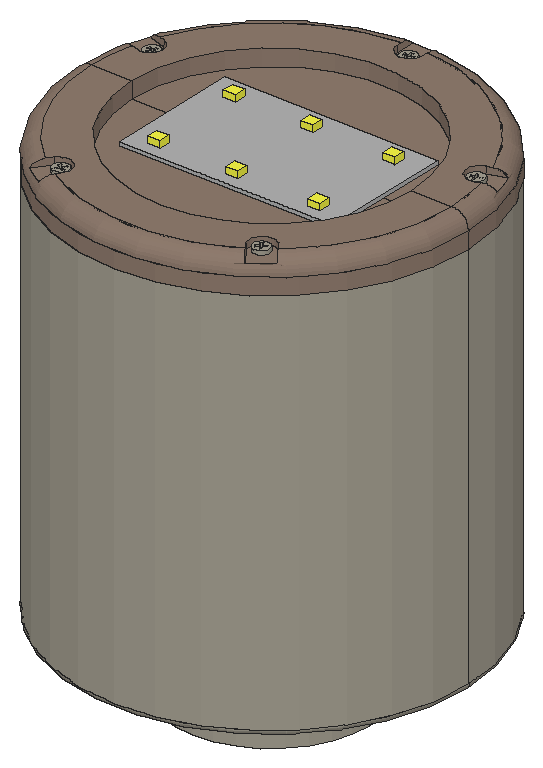
Revit family "LTV71 - Copy", category Lighting Fixtures, host Face, Revit 2014
Parameters (values of type "LTV767SP/6L3KUV/NB")
  White Surface = Paint - Hubbell - White Texture
  Wattage Comments = "11W"
  Wattage = 11 W
  built-in parameter 1150110 = 1 (stored number, unit not read)
  Voltage = "120 to 277V"
  URL = "https://www.hubbell.com/hubbelllightingci/en/"
  Type Comments = "Lighting Fixture"  # constant formula
  built-in parameter 1114217 = 1 (stored number, unit not read)
  Tilt Angle = -90.00°
  built-in parameter 1150109 = 1 (stored number, unit not read)
  built-in parameter 1150134 = 3
  built-in parameter 1150113 = 1 (stored number, unit not read)
  Specification = "Energy efficient LED models\r\nBrass or aluminum housing for durability\r\nHex cell louver and prismatic spread lens options"  # constant formula
  Series = "In-grade/ Landscape "  # constant formula
  Product Page = "https://www.hubbell.com/hubbelllightingci/en/Products/Lighting-Controls/Commercial-Outdoor-Lighting/In-Grade/In-Grade-Minivault/p/248531"
  Power Factor = 1  # constant formula
  Photometric Web File = "ltv767sp-6led.ies"
  OmniClass Title = "Buried Uplights"  # constant formula
  OmniClass Number = "23-80 70 14 11 21"  # constant formula
  Number of Poles = 1
  Note Visible = yes
  Note Text = "LF"  # constant formula
  Model = "LTV767SP/6L3KUV/NB"  # constant formula
  Manufacturer = "KIM Lighting"  # constant formula
  built-in parameter 1150105 = 87.535 (stored number, unit not read)
  Lumens = 1100 lm
  built-in parameter 1150115 = 1 (stored number, unit not read)
  built-in parameter 1150137 = (empty or 0)
  built-in parameter 1150139 = (empty or 0)
  Lens Ring Material = Metal-Kim Lighting-Bronze
  built-in parameter 1150112 = 1 (stored number, unit not read)
  built-in parameter 1150114 = 1 (stored number, unit not read)
  Lamp = "LED"
  LED = Default Light Source
  built-in parameter 1150132 = (empty or 0)
  built-in parameter 1150102 = (empty or 0)
  built-in parameter 1150107 = 3200 (stored number, unit not read)
  built-in parameter 1150138 = (empty or 0)
  built-in parameter 1150106 = 0.87535 (stored number, unit not read)
  Emit from Circle Diameter = 5.000"
  Emit Shape Visible in Rendering = no
  Diameter = 6.000"
  Contact us = "https://www.hubbell.com/hubbelllightingci/en/contactUs?productId=248531"
  Composite Housing material = Plastic-Kim Lighting-Fiberglass
  Glass Material = Glass-Kim Lighting-Clear
  Full Load Current = 11 A
  Frequency = 60 Hz
  Finish = "Cast Bronze, Natural Finish"  # constant formula
  built-in parameter 1150104 = 9.2903 (stored number, unit not read)
  Dimming Lamp Color Temperature Shift = <None>
  Description = "Minivault incorporates more than 50 years of in-grade experience into every luminaire. A commitment to produce the most durable product possible is the core of the series, which now includes new low wattage pulse start metal halide lamps and LEDs expanding into residential applications."  # constant formula
  Default Elevation = 0.000"
  Color Filter = 16777215
  built-in parameter 1114218 = 1 (stored number, unit not read)
  built-in parameter 1150133 = 10 (stored number, unit not read)
  Assembly Code = "D5020200"
  Apparent Load = 11 VA
Reference planes (in)
  plane 1 "Center (Front/Back)": y = 0
  plane 2: z = 0
  plane 3 "Center (Left/Right)": x = 0
  plane 4 "Bot of Lamp": z = -7.03125
  plane 5 "Top of Lamp": z = 0.75
  plane 6: z = -2
  plane 7: z = -2.5
  plane 8: z = 0.5
  plane 9: z = 0.25
  plane 10: x = 3
  plane 11: x = -3
  plane 12: y = 3
  plane 13: y = -3
Forms (in)
  Revolve 1, solid, material "Plastic-Kim Lighting-Fiberglass" <- "Composite Housing material"
    sketch origin (0, 0, 0) x (1, 0, 0) y (0, 0, 1)
      loop
        line (0, -7.03125) -> (1.5, -7.03125) -> (1.5, -6.14386)
        arc (1.5, -6.14386) -> (1.53298, -6.06423) -> (1.61261, -6.03125) r 0.11261
        line (1.61261, -6.03125) -> (2.91051, -6.03125)
        arc (2.91051, -6.03125) -> (2.97379, -6.00504) -> (3, -5.94176) r 0.08949
        line (3, -5.94176) -> (3, 0) -> (0, 0) -> (0, -7.03125)
      axis (0, 0) -> (0, -7.03125)
    angle from 0 to 360
  Revolve 2, solid, material "Metal-Kim Lighting-Bronze" <- "Lens Ring Material"
    sketch origin (0, 0, 0) x (1, 0, 0) y (0, 0, 1)
      loop
        line (0, 0) -> (3, 0) -> (3, 0.25)
        arc (3, 0.25) -> (2.92678, 0.42678) -> (2.75, 0.5) r 0.25
        line (2.75, 0.5) -> (2.13697, 0.5) -> (2.13697, 0.25) -> (0, 0.25) -> (0, 0)
      axis (0, 0.5) -> (0, 0)
    angle from 0 to 360
  Extrusion 3, solid, material "Default Light Source" <- "LED"
    sketch origin (0, 0, 0) x (1, 0, 0) y (0, 1, 0)
      loop
        line (-1.25669, 0.81898) -> (-1.25669, 0.64411) -> (-1.07118, 0.64411) -> (-1.07118, 0.81898) -> (-1.25669, 0.81898)
      loop
        line (-0.07439, 0.81898) -> (-0.07439, 0.64411) -> (0.11112, 0.64411) -> (0.11112, 0.81898) -> (-0.07439, 0.81898)
      loop
        line (1.17561, 0.81898) -> (1.17561, 0.64411) -> (1.36112, 0.64411) -> (1.36112, 0.81898) -> (1.17561, 0.81898)
      loop
        line (-1.25669, -0.61704) -> (-1.25669, -0.79191) -> (-1.07118, -0.79191) -> (-1.07118, -0.61704) -> (-1.25669, -0.61704)
      loop
        line (-0.07439, -0.61704) -> (-0.07439, -0.79191) -> (0.11112, -0.79191) -> (0.11112, -0.61704) -> (-0.07439, -0.61704)
      loop
        line (1.17561, -0.61704) -> (1.17561, -0.79191) -> (1.36112, -0.79191) -> (1.36112, -0.61704) -> (1.17561, -0.61704)
    from 0.25 to 0.40246
  Revolve 4, solid, material "Glass-Kim Lighting-Clear" <- "Glass Material", detail levels coarse
    sketch origin (0, 0, 0) x (1, 0, 0) y (0, 0, 1)
      loop
        line (0, 0.5) -> (0, 0.45465) -> (2.13697, 0.45465) -> (2.13697, 0.5) -> (0, 0.5)
      axis (0, 0.5) -> (0, 0.45465)
    angle from 0 to 360
  Extrusion 5, void
    sketch origin (0, 0, 0) x (1, 0, 0) y (0, 1, 0)
      loop
        line (-0.20716, 3.08294) -> (-0.20716, 2.64544)
        arc (-0.20716, 2.64544) -> (-0.00972, 2.448) -> (0.18772, 2.64544) r 0.19744
        line (0.18772, 2.64544) -> (0.18772, 3.08294) -> (-0.20716, 3.08294)
      loop
        line (2.86803, 1.1497) -> (2.45195, 1.0145)
        arc (2.45195, 1.0145) -> (2.32518, 0.76571) -> (2.57397, 0.63895) r 0.19744
        line (2.57397, 0.63895) -> (2.99006, 0.77414) -> (2.86803, 1.1497)
      loop
        line (1.9797, -2.37239) -> (1.72254, -2.01844)
        arc (1.72254, -2.01844) -> (1.44676, -1.97476) -> (1.40308, -2.25055) r 0.19744
        line (1.40308, -2.25055) -> (1.66023, -2.60449) -> (1.9797, -2.37239)
      loop
        line (-1.64451, -2.61591) -> (-1.38736, -2.26197)
        arc (-1.38736, -2.26197) -> (-1.43104, -1.98618) -> (-1.70682, -2.02986) r 0.19744
        line (-1.70682, -2.02986) -> (-1.96398, -2.38381) -> (-1.64451, -2.61591)
      loop
        line (-2.86803, 1.1497) -> (-2.99006, 0.77414) -> (-2.57397, 0.63895)
        arc (-2.57397, 0.63895) -> (-2.32518, 0.76571) -> (-2.45195, 1.0145) r 0.19744
        line (-2.45195, 1.0145) -> (-2.86803, 1.1497)
    from 0.40246 to 0.5
  Extrusion 6, solid, material "Plastic-Kim Lighting-Fiberglass" <- "Composite Housing material"
    sketch origin (0, 0, 0) x (1, 0, 0) y (0, 1, 0)
      loop
        circle (0, 2.60287) r 0.12075
      loop
        line (-0.0162, 2.67726) -> (-0.0162, 2.62053) -> (-0.07292, 2.62053) -> (-0.07292, 2.58166) -> (-0.0162, 2.58166) -> (-0.0162, 2.52494) -> (0.02267, 2.52494) -> (0.02267, 2.58166) -> (0.0794, 2.58166) -> (0.0794, 2.62053) -> (0.02267, 2.62053) -> (0.02267, 2.67726) -> (-0.0162, 2.67726)
    from 0.40246 to 0.45465
  Extrusion 7, solid, material "Plastic-Kim Lighting-Fiberglass" <- "Composite Housing material"
    sketch origin (0, 0, 0) x (0.309017, -0.951057, 0) y (0.951057, 0.309017, 0)
      loop
        circle (0, 2.60287) r 0.12075
      loop
        line (-0.0162, 2.67726) -> (-0.0162, 2.62053) -> (-0.07292, 2.62053) -> (-0.07292, 2.58166) -> (-0.0162, 2.58166) -> (-0.0162, 2.52494) -> (0.02267, 2.52494) -> (0.02267, 2.58166) -> (0.0794, 2.58166) -> (0.0794, 2.62053) -> (0.02267, 2.62053) -> (0.02267, 2.67726) -> (-0.0162, 2.67726)
    from 0.40246 to 0.45465
  Extrusion 8, solid, material "Plastic-Kim Lighting-Fiberglass" <- "Composite Housing material"
    sketch origin (0, 0, 0) x (-0.809017, -0.587785, 0) y (0.587785, -0.809017, 0)
      loop
        circle (0, 2.60287) r 0.12075
      loop
        line (-0.0162, 2.67726) -> (-0.0162, 2.62053) -> (-0.07292, 2.62053) -> (-0.07292, 2.58166) -> (-0.0162, 2.58166) -> (-0.0162, 2.52494) -> (0.02267, 2.52494) -> (0.02267, 2.58166) -> (0.0794, 2.58166) -> (0.0794, 2.62053) -> (0.02267, 2.62053) -> (0.02267, 2.67726) -> (-0.0162, 2.67726)
    from 0.40246 to 0.45465
  Extrusion 9, solid, material "Plastic-Kim Lighting-Fiberglass" <- "Composite Housing material"
    sketch origin (0, 0, 0) x (-0.809017, 0.587785, 0) y (-0.587785, -0.809017, 0)
      loop
        circle (0, 2.60287) r 0.12075
      loop
        line (-0.0162, 2.67726) -> (-0.0162, 2.62053) -> (-0.07292, 2.62053) -> (-0.07292, 2.58166) -> (-0.0162, 2.58166) -> (-0.0162, 2.52494) -> (0.02267, 2.52494) -> (0.02267, 2.58166) -> (0.0794, 2.58166) -> (0.0794, 2.62053) -> (0.02267, 2.62053) -> (0.02267, 2.67726) -> (-0.0162, 2.67726)
    from 0.40246 to 0.45465
  Extrusion 10, solid, material "Plastic-Kim Lighting-Fiberglass" <- "Composite Housing material"
    sketch origin (0, 0, 0) x (-0.309017, -0.951057, 0) y (0.951057, -0.309017, 0)
      loop
        circle (0, -2.60287) r 0.12075
      loop
        line (-0.0162, -2.67726) -> (0.02267, -2.67726) -> (0.02267, -2.62053) -> (0.0794, -2.62053) -> (0.0794, -2.58166) -> (0.02267, -2.58166) -> (0.02267, -2.52494) -> (-0.0162, -2.52494) -> (-0.0162, -2.58166) -> (-0.07292, -2.58166) -> (-0.07292, -2.62053) -> (-0.0162, -2.62053) -> (-0.0162, -2.67726)
    from 0.40246 to 0.45465
  Extrusion 11, solid, material "Paint - Hubbell - White Texture" <- "White Surface"
    sketch origin (0, 0, 0) x (1, 0, 0) y (0, 1, 0)
      loop
        line (-1.53933, 1.03072) -> (-1.53933, -0.96928) -> (1.71067, -0.96928) -> (1.71067, 1.03072) -> (-1.53933, 1.03072)
    from 0.25 to 0.31029
Cuts and joins
  Extrusion 5 cuts Revolve 1
  Extrusion 5 cuts Revolve 2
Lines and regions (in)
  Masking region 1, detail levels coarse
    outline origin (0, 0, 0) x (0, 1, 0) y (0, 0, 1)
      loop
        line (4.5, 0.75) -> (-4.5, 0.75) -> (-4.5, -7.03125) -> (4.5, -7.03125) -> (4.5, 0.75)
  Masking region 2, detail levels medium+fine
    outline origin (0, 0, 0) x (0, 1, 0) y (0, 0, 1)
      loop
        line (4.5, 0.75) -> (-4.5, 0.75) -> (-4.5, 0) -> (-4.56513, -0.78065) -> (-4.487, -0.78065) -> (-4.90686, -2) -> (-5.05959, -2) -> (-5.05959, -2.5) -> (-4.56762, -2.5) -> (-4.33142, -4.21753) -> (-2.93669, -4.38203) -> (-2.93669, -5.09803) -> (-2, -5.09803) -> (-2, -7.03125) -> (2, -7.03125) -> (2, -5.09803) -> (2.93669, -5.09803) -> (2.93669, -4.38203) -> (4.33142, -4.21753) -> (4.56762, -2.5) -> (5.05959, -2.5) -> (5.05959, -2) -> (4.90686, -2) -> (4.487, -0.78065) -> (4.56513, -0.78065) -> (4.5, 0) -> (4.5, 0.75)
  Masking region 3, detail levels fine
    outline origin (0, 0, 0) x (0, 1, 0) y (0, 0, 1)
      loop
        line (0.5, -8.03125) -> (1.5, -8.03125) -> (1.5, -7.03125) -> (0.5, -7.03125) -> (0.5, -8.03125)
  symbolic lines
    curve 1: arc (3, 0, 0) -> (0, 3, 0) -> (-3, 0, 0) r 3
    curve 2: arc (-3, 0, 0) -> (0, -3, 0) -> (3, 0, 0) r 3
  symbolic lines, detail levels medium+fine
    curve 3: arc (-2.3, 0, 0) -> (0, 2.3, 0) -> (2.3, 0, 0) r 2.3
    curve 4: arc (2.3, 0, 0) -> (0, -2.3, 0) -> (-2.3, 0, 0) r 2.3
  symbolic lines, detail levels fine
    curve 5: circle (0, 2.6317, 0) r 0.1875 normal (0, 0, -1)
    curve 8: line (0, 4.5, 0) -> (0, -4.5, 0)
    curve 9: line (0, 4.487, -0.78065) -> (0, -4.487, -0.78065)
    curve 10: line (0, 4.90686, -2) -> (0, -4.90686, -2)
    curve 11: line (0, 4.56762, -2.5) -> (0, -4.56762, -2.5)
    curve 12: line (0, 3.89346, -2.5) -> (0, 3.89346, -3.8512)
    curve 13: line (0, 3.89346, -3.8512) -> (0, 0.0625, -3.8512)
    curve 14: line (0, -3.89346, -3.8512) -> (0, -3.89346, -2.5)
    curve 15: line (0, 2.93669, -4.38203) -> (0, 2.93669, -3.8512)
    curve 16: line (0, -2.93669, -4.38203) -> (0, -2.93669, -3.8512)
    curve 17: line (0, 1.93669, -5.09803) -> (0, -1.93669, -5.09803)
    curve 18: line (0, 2.93669, -4.56678) -> (0, 1.93669, -4.56678)
    curve 19: line (0, 1.93669, -4.56678) -> (0, 1.93669, -5.09803)
    curve 20: line (0, -2.93669, -4.56678) -> (0, -1.93669, -4.56678)
    curve 21: line (0, -1.93669, -4.56678) -> (0, -1.93669, -5.09803)
    curve 22: line (0, 0.0625, -2.5) -> (0, 0.0625, -4.38203)
    curve 23: line (0, 0.0625, -4.38203) -> (0, -0.0625, -4.38203)
    curve 24: line (0, -0.0625, -4.38203) -> (0, -0.0625, -2.5)
    curve 25: line (0, -0.0625, -3.8512) -> (0, -3.89346, -3.8512)
    curve 26: line (0, 1.69096, -5.09803) -> (0, 1.69096, -5.83415)
    curve 27: line (0, 1.69096, -5.83415) -> (0, 1.06013, -5.83415)
    curve 28: line (0, 1.06013, -5.83415) -> (0, 1.06013, -5.09803)
    curve 29: line (0, -1.06013, -5.09803) -> (0, -1.06013, -5.83415)
    curve 30: line (0, -1.06013, -5.83415) -> (0, -1.70555, -5.83415)
    curve 31: line (0, -1.70555, -5.83415) -> (0, -1.70555, -5.09803)
    curve 32: circle (2.5029, 0.81324, 0) r 0.1875 normal (0, 0, -1)
    curve 33: circle (1.54688, -2.12909, 0) r 0.1875 normal (0, 0, -1)
    curve 34: circle (-1.54688, -2.12909, 0) r 0.1875 normal (0, 0, -1)
    curve 35: circle (-2.5029, 0.81324, 0) r 0.1875 normal (0, 0, 1)
    curve 36: line (0, 0, -7.03125) -> (1.5, 0, -7.03125)
    curve 37: line (1.5, 0, -7.03125) -> (1.5, 0, -6.14386)
    curve 38: line (1.61261, 0, -6.03125) -> (2.91051, 0, -6.03125)
    curve 39: line (3, 0, -5.94176) -> (3, 0, 0)
    curve 40: line (3, 0, 0) -> (3, 0, 0.25)
    curve 41: line (3, 0, 0.25) -> (3, 0, 0.5)
    curve 42: line (3, 0, 0.5) -> (3, 0, 0.53685)
    curve 43: arc (3, 0, 0.53685) -> (2.94672, 0, 0.66547) -> (2.8181, 0, 0.71875) r 0.1819
    curve 44: arc (1.5, 0, -6.14386) -> (1.53298, 0, -6.06423) -> (1.61261, 0, -6.03125) r 0.11261
    curve 45: arc (2.91051, 0, -6.03125) -> (2.97379, 0, -6.00504) -> (3, 0, -5.94176) r 0.08949
    curve 46: arc (0, 0, 0.75) -> (1.28132, 0, 0.73442) -> (2.56061, 0, 0.66058) r 28.1719
    curve 47: arc (2.56061, 0, 0.66058) -> (2.69379, 0, 0.67004) -> (2.8181, 0, 0.71875) r 0.44296
    curve 48: line (0, 0, -7.03125) -> (-1.5, 0, -7.03125)
    curve 49: line (-1.5, 0, -7.03125) -> (-1.5, 0, -6.14386)
    curve 50: line (-1.61261, 0, -6.03125) -> (-2.91051, 0, -6.03125)
    curve 51: line (-3, 0, -5.94176) -> (-3, 0, 0)
    curve 52: line (-3, 0, 0) -> (-3, 0, 0.25)
    curve 53: line (-3, 0, 0.25) -> (-3, 0, 0.5)
    curve 54: line (-3, 0, 0.5) -> (-3, 0, 0.53685)
    curve 55: arc (-3, 0, 0.53685) -> (-2.94672, 0, 0.66547) -> (-2.8181, 0, 0.71875) r 0.1819
    curve 56: arc (-1.5, 0, -6.14386) -> (-1.53298, 0, -6.06423) -> (-1.61261, 0, -6.03125) r 0.11261
    curve 57: arc (-2.91051, 0, -6.03125) -> (-2.97379, 0, -6.00504) -> (-3, 0, -5.94176) r 0.08949
    curve 58: arc (0, 0, 0.75) -> (-1.28132, 0, 0.73442) -> (-2.56061, 0, 0.66058) r 28.1719
    curve 59: arc (-2.56061, 0, 0.66058) -> (-2.69379, 0, 0.67004) -> (-2.8181, 0, 0.71875) r 0.44296
  symbolic lines, detail levels coarse
    curve 6: line (0, 4.5, 0.75) -> (0, -4.5, -7.03125)
    curve 7: line (0, 4.5, -7.03125) -> (0, -4.5, 0.75)
Dimensions and locks (in)
  level to plane 4 "Bot of Lamp" = 7.03125"
  locked: plane 5 "Top of Lamp" to level at 0.75
  locked: level to plane 6 at 2
  locked: level to plane 7 at 2.5
  locked: plane 9 to plane 2 at 0.25
  locked: plane 8 to plane 2 at 0.5
  "Diameter": plane 11 to plane 10
  aligned and locked: plane 2 to host face
  aligned and locked: level to host face
  aligned and locked: imposter light to plane 3 "Center (Left/Right)"
  aligned and locked: nested 1 to imposter light
  aligned and locked: plane 5 "Top of Lamp" to imposter light
  aligned and locked: plane 4 "Bot of Lamp" to Masking region 1 sketch curve
  aligned and locked: Masking region 1 sketch curve to plane 5 "Top of Lamp"
Automatic sketch dimensions
  curve 1 to curve 2 = 0.000"  (x2)
  curve 1 to curve 3 = 0.000"  (x2)
  curve 1 to curve 4 = 0.000"  (x2)
  curve 2 to curve 3 = 0.000"  (x2)
  curve 2 to curve 4 = 0.000"  (x2)
  curve 3 to curve 4 = 0.000"  (x2)
  plane 1 "Center (Front/Back)" to curve 2 = 0.000"
  curve 2 to plane 11 = 0.000"
  curve 3 to plane 3 "Center (Left/Right)" = 0.000"
  curve 5 to plane 3 "Center (Left/Right)" = 0.000"
  plane 11 to curve 35 = 0.4971"
  plane 11 to curve 34 = 1.45312"
  curve 33 to plane 10 = 1.45312"
  curve 32 to plane 10 = 0.4971"
  curve 34 to plane 13 = 0.87091"
  curve 33 to plane 13 = 0.87091"
  curve 35 to plane 1 "Center (Front/Back)" = 0.81324"
  curve 32 to plane 1 "Center (Front/Back)" = 0.81324"
  plane 12 to curve 5 = 0.3683"
  plane 11 to curve 4 = 0.700"
  curve 10 to plane 6 = 0.000"
  curve 11 to plane 7 = 0.000"
  curve 7 to plane 5 "Top of Lamp" = 0.000"
  curve 8 to level = 0.000"
  curve 6 to plane 4 "Bot of Lamp" = 0.000"
  curve 7 to plane 4 "Bot of Lamp" = 0.000"
  curve 6 to plane 5 "Top of Lamp" = 0.000"
  plane 13 to curve 25 = 0.89346"
  curve 21 to plane 13 = 1.06331"
  curve 17 to curve 30 = 0.23114"
  curve 30 to curve 30 = 0.64542"
  plane 1 "Center (Front/Back)" to curve 24 = 0.0625"
  curve 22 to plane 1 "Center (Front/Back)" = 0.0625"
  curve 28 to plane 1 "Center (Front/Back)" = 1.06013"
  curve 27 to curve 26 = 0.63084"
  curve 26 to curve 17 = 0.24572"
  curve 13 to plane 12 = 0.89346"
  plane 4 "Bot of Lamp" to curve 26 = 1.1971"
  plane 4 "Bot of Lamp" to curve 31 = 1.1971"
  curve 30 to curve 21 = 0.73612"
  curve 17 to curve 19 = 0.53125"
  curve 17 to curve 21 = 0.53125"
  curve 29 to curve 24 = 0.716"
  curve 18 to curve 13 = 0.71558"
  curve 20 to curve 25 = 0.71558"
  plane 13 to curve 9 = 1.487"
  plane 13 to curve 6 = 1.500"
  curve 8 to curve 9 = 0.013"
  curve 7 to curve 8 = 0.000"
  curve 11 to curve 14 = 0.67415"
  curve 10 to curve 11 = 0.33924"
  curve 20 to plane 13 = 0.06331"
  curve 16 to plane 13 = 0.06331"
  plane 12 to curve 15 = 0.06331"
  plane 12 to curve 18 = 0.06331"
  curve 9 to plane 12 = 1.487"
  curve 7 to plane 12 = 1.500"
  curve 6 to plane 12 = 1.500"
  curve 8 to curve 6 = 0.000"
  curve 12 to curve 11 = 0.67415"
  curve 11 to curve 10 = 0.33924"
  curve 20 to curve 16 = 0.18475"
  curve 18 to curve 15 = 0.18475"
  curve 9 to level = 0.78065"
  host sketch curve to host sketch curve = 96.000"  (x2)
  curve 54 to plane 11 = 0.000"
  curve 49 to plane 4 "Bot of Lamp" = 0.000"
  curve 46 to plane 3 "Center (Left/Right)" = 0.000"
  curve 48 to plane 3 "Center (Left/Right)" = 0.000"
  curve 40 to level = 0.000"
  curve 40 to plane 10 = 0.000"
  curve 51 to level = 0.000"
  curve 41 to plane 9 = 0.000"
  curve 53 to plane 9 = 0.000"
  curve 54 to plane 8 = 0.000"
  curve 42 to plane 8 = 0.000"
  curve 46 to plane 5 "Top of Lamp" = 0.000"
  plane 11 to curve 50 = 0.08949"
  plane 8 to curve 55 = 0.03685"
  plane 11 to curve 55 = 0.1819"
  plane 11 to curve 59 = 0.40382"
  curve 57 to curve 56 = 1.2979"
  curve 56 to curve 49 = 0.11261"
  curve 58 to plane 3 "Center (Left/Right)" = 0.29814"
  plane 3 "Center (Left/Right)" to curve 46 = 0.29814"
  plane 3 "Center (Left/Right)" to curve 37 = 1.500"
  curve 44 to curve 38 = 0.11261"
  curve 47 to plane 10 = 0.40382"
  plane 8 to curve 43 = 0.03685"
  curve 43 to plane 10 = 0.1819"
  curve 38 to plane 10 = 0.08949"
  curve 46 to plane 4 "Bot of Lamp" = 20.38907"
  curve 58 to curve 46 = 0.000"
  curve 36 to curve 37 = 0.88739"
  plane 4 "Bot of Lamp" to curve 56 = 0.88739"
  plane 5 "Top of Lamp" to curve 47 = 0.35211"
  plane 5 "Top of Lamp" to curve 59 = 0.35211"
  plane 13 to Masking region 1 sketch curve = 1.500"
  Masking region 1 sketch curve to plane 12 = 1.500"
  Masking region 2 sketch curve to plane 6 = 0.000"  (x2)
  Masking region 2 sketch curve to plane 7 = 0.000"  (x2)
  Masking region 2 sketch curve to plane 5 "Top of Lamp" = 0.000"
  Masking region 2 sketch curve to level = 0.000"  (x2)
  Masking region 2 sketch curve to plane 4 "Bot of Lamp" = 0.000"
  plane 13 to Masking region 2 sketch curve = 2.05959"
  Masking region 2 sketch curve to Masking region 2 sketch curve = 0.15273"
  Masking region 2 sketch curve to Masking region 2 sketch curve = 0.49198"  (x2)
  Masking region 2 sketch curve to level = 0.78065"  (x2)
  Masking region 2 sketch curve to Masking region 2 sketch curve = 0.34172"
  plane 13 to Masking region 2 sketch curve = 1.500"
  Masking region 2 sketch curve to Masking region 2 sketch curve = 0.07813"  (x2)
  plane 13 to Masking region 2 sketch curve = 1.33142"
  Masking region 2 sketch curve to plane 13 = 0.06331"
  Masking region 2 sketch curve to Masking region 2 sketch curve = 0.93669"
  plane 12 to Masking region 2 sketch curve = 1.000"
  plane 12 to Masking region 2 sketch curve = 0.06331"
  Masking region 2 sketch curve to plane 12 = 1.33142"
  Masking region 2 sketch curve to plane 12 = 1.487"
  Masking region 2 sketch curve to Masking region 2 sketch curve = 0.013"
  Masking region 2 sketch curve to plane 12 = 1.56762"
  Masking region 2 sketch curve to Masking region 2 sketch curve = 0.33924"
  plane 4 "Bot of Lamp" to Masking region 2 sketch curve = 1.93322"  (x2)
  Masking region 2 sketch curve to Masking region 2 sketch curve = 0.716"  (x2)
  Masking region 2 sketch curve to Masking region 2 sketch curve = 0.1645"  (x2)
  Masking region 3 sketch curve to plane 4 "Bot of Lamp" = 0.000"
  Masking region 3 sketch curve to plane 1 "Center (Front/Back)" = 0.500"
  Masking region 3 sketch curve to Masking region 3 sketch curve = 1.000"  (x2)
  Revolve 1 sketch curve to plane 3 "Center (Left/Right)" = 0.000"  (x2)
  Revolve 1 sketch curve to plane 4 "Bot of Lamp" = 0.000"
  Revolve 1 sketch curve to plane 10 = 0.000"
  Revolve 1 sketch curve to level = 0.000"
  plane 4 "Bot of Lamp" to Revolve 1 sketch curve = 0.88739"
  plane 3 "Center (Left/Right)" to Revolve 1 sketch curve = 1.500"
  Revolve 1 sketch curve to Revolve 1 sketch curve = 0.11261"
  Revolve 1 sketch curve to plane 10 = 0.08949"
  Revolve 1 sketch curve to plane 4 "Bot of Lamp" = 4.21875"
  plane 5 "Top of Lamp" to Revolve 1 sketch curve = 12.000"
  Revolve 2 sketch curve to plane 3 "Center (Left/Right)" = 0.000"  (x2)
  Revolve 2 sketch curve to level = 0.000"
  Revolve 2 sketch curve to plane 9 = 0.000"  (x2)
  Revolve 2 sketch curve to plane 8 = 0.000"
  Revolve 2 sketch curve to plane 10 = 0.000"
  Revolve 2 sketch curve to Revolve 2 sketch curve = 0.61303"
  Revolve 2 sketch curve to plane 7 = 1.28125"
  plane 5 "Top of Lamp" to Revolve 2 sketch curve = 2.46875"
  Extrusion 3 sketch curve to plane 3 "Center (Left/Right)" = 1.25669"  (x2)
  Extrusion 3 sketch curve to Extrusion 3 sketch curve = 0.18551"  (x4)
  Extrusion 3 sketch curve to plane 3 "Center (Left/Right)" = 0.07439"  (x2)
  plane 3 "Center (Left/Right)" to Extrusion 3 sketch curve = 0.11112"  (x2)
  Extrusion 3 sketch curve to Extrusion 3 sketch curve = 1.06449"  (x2)
  plane 1 "Center (Front/Back)" to Extrusion 3 sketch curve = 0.79191"  (x3)
  Extrusion 3 sketch curve to Extrusion 3 sketch curve = 0.17487"  (x6)
  Extrusion 3 sketch curve to plane 1 "Center (Front/Back)" = 0.64411"  (x3)
  Revolve 4 sketch curve to plane 3 "Center (Left/Right)" = 0.000"  (x2)
  Revolve 4 sketch curve to plane 8 = 0.000"
  Revolve 4 sketch curve to plane 10 = 0.86303"
  Revolve 4 sketch curve to plane 8 = 0.04535"
  Revolve 4 sketch curve to plane 4 "Bot of Lamp" = 4.21875"
  plane 5 "Top of Lamp" to Revolve 4 sketch curve = 12.000"
  plane 11 to Extrusion 5 sketch curve = 0.00994"
  plane 11 to Extrusion 5 sketch curve = 0.13197"
  plane 11 to Extrusion 5 sketch curve = 0.42603"
  Extrusion 5 sketch curve to Extrusion 5 sketch curve = 0.06101"  (x4)
  plane 11 to Extrusion 5 sketch curve = 1.03602"
  Extrusion 5 sketch curve to Extrusion 5 sketch curve = 0.25716"  (x2)
  Extrusion 5 sketch curve to plane 13 = 0.38409"
  Extrusion 5 sketch curve to Extrusion 5 sketch curve = 0.31947"
  Extrusion 5 sketch curve to Extrusion 5 sketch curve = 0.15973"  (x4)
  Extrusion 5 sketch curve to plane 13 = 0.73803"
  Extrusion 5 sketch curve to plane 12 = 0.08294"
  Extrusion 5 sketch curve to plane 3 "Center (Left/Right)" = 0.20716"
  Extrusion 5 sketch curve to plane 3 "Center (Left/Right)" = 0.00972"
  plane 3 "Center (Left/Right)" to Extrusion 5 sketch curve = 1.40308"
  Extrusion 5 sketch curve to plane 13 = 0.39551"
  Extrusion 5 sketch curve to plane 13 = 0.98156"
  Extrusion 5 sketch curve to plane 13 = 0.62761"
  Extrusion 5 sketch curve to plane 10 = 0.54805"
  Extrusion 5 sketch curve to plane 10 = 0.13197"
  Extrusion 5 sketch curve to plane 10 = 0.00994"
  Extrusion 5 sketch curve to plane 1 "Center (Front/Back)" = 0.63895"  (x2)
  Extrusion 5 sketch curve to Extrusion 5 sketch curve = 0.13519"  (x2)
  plane 12 to Extrusion 5 sketch curve = 0.35456"
  Extrusion 6 sketch curve to plane 3 "Center (Left/Right)" = 0.000"
  Extrusion 6 sketch curve to plane 3 "Center (Left/Right)" = 0.0162"  (x2)
  Extrusion 6 sketch curve to Extrusion 6 sketch curve = 0.05673"  (x4)
  plane 3 "Center (Left/Right)" to Extrusion 6 sketch curve = 0.02267"  (x2)
  plane 12 to Extrusion 6 sketch curve = 0.47506"
  Extrusion 6 sketch curve to Extrusion 6 sketch curve = 0.000"
  Extrusion 6 sketch curve to Extrusion 6 sketch curve = 0.02121"
  Extrusion 6 sketch curve to Extrusion 6 sketch curve = 0.03887"  (x2)
  Extrusion 7 sketch curve to plane 10 = 0.53026"
  Extrusion 7 sketch curve to plane 1 "Center (Front/Back)" = 0.87914"
  Extrusion 7 sketch curve to Extrusion 7 sketch curve = 0.05673"  (x5)
  Extrusion 7 sketch curve to Extrusion 7 sketch curve = 0.0162"
  Extrusion 7 sketch curve to Extrusion 7 sketch curve = 0.03887"  (x4)
  Extrusion 7 sketch curve to Extrusion 7 sketch curve = 0.000"
  Extrusion 7 sketch curve to Extrusion 7 sketch curve = 0.01766"
  Extrusion 8 sketch curve to plane 13 = 0.92281"
  Extrusion 8 sketch curve to plane 10 = 1.40069"
  Extrusion 8 sketch curve to Extrusion 8 sketch curve = 0.05673"  (x5)
  Extrusion 8 sketch curve to Extrusion 8 sketch curve = 0.0162"
  Extrusion 8 sketch curve to Extrusion 8 sketch curve = 0.03887"  (x4)
  Extrusion 8 sketch curve to Extrusion 8 sketch curve = 0.000"
  Extrusion 8 sketch curve to Extrusion 8 sketch curve = 0.01766"
  Extrusion 9 sketch curve to plane 13 = 0.83708"
  Extrusion 9 sketch curve to plane 3 "Center (Left/Right)" = 1.48131"
  Extrusion 9 sketch curve to Extrusion 9 sketch curve = 0.05673"  (x5)
  Extrusion 9 sketch curve to Extrusion 9 sketch curve = 0.0162"
  Extrusion 9 sketch curve to Extrusion 9 sketch curve = 0.03887"  (x4)
  Extrusion 9 sketch curve to Extrusion 9 sketch curve = 0.000"
  Extrusion 9 sketch curve to Extrusion 9 sketch curve = 0.01766"
  Extrusion 10 sketch curve to plane 11 = 0.53026"
  plane 1 "Center (Front/Back)" to Extrusion 10 sketch curve = 0.87914"
  Extrusion 10 sketch curve to Extrusion 10 sketch curve = 0.05673"  (x5)
  Extrusion 10 sketch curve to Extrusion 10 sketch curve = 0.0162"
  Extrusion 10 sketch curve to Extrusion 10 sketch curve = 0.03887"  (x4)
  Extrusion 10 sketch curve to Extrusion 10 sketch curve = 0.000"
  Extrusion 10 sketch curve to Extrusion 10 sketch curve = 0.01766"
  plane 11 to Extrusion 11 sketch curve = 1.46067"
  Extrusion 11 sketch curve to plane 10 = 1.28933"
  plane 1 "Center (Front/Back)" to Extrusion 11 sketch curve = 0.96928"
  Extrusion 11 sketch curve to plane 1 "Center (Front/Back)" = 1.03072"
  radius of curve 5 = 0.1875"
  radius of curve 32 = 0.1875"
  radius of curve 33 = 0.1875"
  radius of curve 34 = 0.1875"
  radius of curve 35 = 0.1875"
  radius of Extrusion 6 sketch curve = 0.12075"
  radius of Extrusion 7 sketch curve = 0.12075"
  radius of Extrusion 8 sketch curve = 0.12075"
  radius of Extrusion 9 sketch curve = 0.12075"
  radius of Extrusion 10 sketch curve = 0.12075"
Nested families (in)
  nested 1: "Notation" at (0, 4.33469, 0), visible <- "Note Visible", type "Notation"
Connectors (in)
  electrical at (0, 0, 0), driven by "Apparent Load", driven by "Power Factor"
    settings: on Revolve 1, index 1, voltage 120 V, apparent load 11 VA, apparent load phase1 0 VA, apparent load phase2 0 VA, apparent load phase3 0 VA, power factor 1, load classification "Lighting", number of poles 1, system type 30, power factor state 1, is connector primary yes, connector utility no, sub classification motor no, connector description "Light Fixture"
Definition of nested family "Notation"
  Parameters (values of type "Notation")
    Notation = "LF"
  Reference planes (in)
    plane 1: y = 0
    plane 2: x = 0
  Text (in)
    label "Notation" at (0.02149, 0.07192, 0), shows "Notation"
